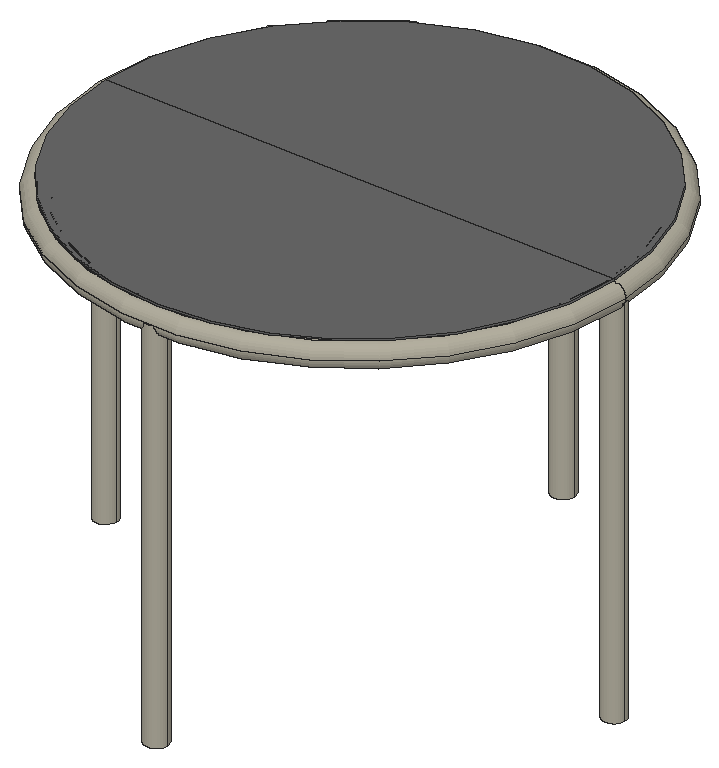
Revit family "FU_Table_Sandler_Metiz 480-91", category Furniture, Revit 2020
Family settings
  OmniClass Number = 23.40.20.00
  OmniClass Title = General Furniture and Specialties
  Work Plane-Based = No
  Always vertical = Yes
  Cut with Voids When Loaded = No
  Shared = No
  Room Calculation Point = No
Parameters (values of type "Metiz 480.91")
  Width = 570 mm
  URL = "https://www.sandlerseating.com/product/metiz-480-91/"
  Model = "Metiz 480.91"
  Manufacturer = "Sandler"
  Height = 420 mm
  Frame [instance] = Metal Lacquers - F077 Sand
  Description = "Coffee Table with a matt lacquered steel frame and Black Fenix Top."
  Depth = 570 mm
  Default Elevation = 0 mm
Reference planes
  plane 1 "Center (Front/Back)": y = 0
  plane 2: z = 0
  plane 3 "Center (Left/Right)": x = 0
  plane 4 "Right": x = -285
  plane 5 "Left": x = 285
  plane 6 "Back": y = 285
  plane 7 "Front": y = -285
  plane 8 "Height": z = 420
  plane 9 "Frame Ring C FRONT": z = 405.5
Forms (mm)
  Sweep 1, solid, material "Metal Lacquers - F077 Sand" <- "Frame"
    path origin (0, 0, 405.5) x (-1, 0, 0) y (0, -1, 0)
      loop
        circle (0, 0) r 272.5
    profile "Pro_Circles : 25mm" origin (0, -272.5, 405.5) x (0, 1, 0) y (0, 0, 1)
      loop
        arc (-12.467, 0.067) -> (-8.882, -8.788) -> (-0.067, -12.467) r 12.401
        arc (-0.067, -12.467) -> (8.836, -8.836) -> (12.467, 0.067) r 12.401
        arc (12.467, 0.067) -> (8.788, 8.882) -> (-0.067, 12.467) r 12.401
        arc (-0.067, 12.467) -> (-8.835, 8.835) -> (-12.467, 0.067) r 12.4
  Extrusion 2, solid, material "Metal Lacquers - F077 Sand" <- "Frame"
    sketch origin (0, 0, 0) x (1, 0, 0) y (0, 1, 0)
      loop
        circle (-272.567, 0) r 12
    from 0 to 405.5
  Extrusion 3, solid, material "Metal Lacquers - F077 Sand" <- "Frame"
    sketch origin (0, 0, 0) x (1, 0, 0) y (0, 1, 0)
      loop
        circle (0, 272.516) r 12
    from 0 to 405.5
  Extrusion 4, solid, material "Metal Lacquers - F077 Sand" <- "Frame"
    sketch origin (0, 0, 0) x (1, 0, 0) y (0, 1, 0)
      loop
        circle (0, -272.516) r 12
    from 0 to 405.5
  Extrusion 5, solid, material "Metal Lacquers - F077 Sand" <- "Frame"
    sketch origin (0, 0, 0) x (-1, 0, 0) y (0, -1, 0)
      loop
        circle (-272.567, 0) r 12
    from 0 to 405.5
  Revolve 6, solid, material "FENIX - Black"
    sketch origin (0, 0, 0) x (1, 0, 0) y (0, 0, 1)
      loop
        line (0, 405.567) -> (0, 420) -> (-272.5, 420) -> (-272.5, 418.222)
        arc (-272.5, 418.222) -> (-263.505, 414.562) -> (-259.845, 405.567) r 12.5
        line (-259.845, 405.567) -> (0, 405.567)
      axis (0, 420) -> (0, 405.567)
    angle from 0 to 360
Dimensions and locks
  equal spacing: plane 4 "Right", plane 3 "Center (Left/Right)", plane 5 "Left"
  "Width": plane 4 "Right" to plane 5 "Left"
  equal spacing: plane 6 "Back", plane 1 "Center (Front/Back)", plane 7 "Front"
  "Depth": plane 6 "Back" to plane 7 "Front"
  "Height": plane 8 "Height" to level
  plane 9 "Frame Ring C FRONT" to level = 405.5 mm
  aligned and locked: level to plane 2
Automatic sketch dimensions
  plane 1 "Center (Front/Back)" to Sweep 1 sketch curve = 0 mm
  Sweep 1 sketch curve to plane 3 "Center (Left/Right)" = 0 mm
  plane 1 "Center (Front/Back)" to Extrusion 2 sketch curve = 0 mm
  Extrusion 2 sketch curve to plane 4 "Right" = 12.433 mm
  Extrusion 3 sketch curve to plane 3 "Center (Left/Right)" = 0 mm
  Extrusion 3 sketch curve to plane 6 "Back" = 12.484 mm
  Extrusion 4 sketch curve to plane 3 "Center (Left/Right)" = 0 mm
  Extrusion 4 sketch curve to plane 7 "Front" = 12.484 mm
  plane 1 "Center (Front/Back)" to Extrusion 5 sketch curve = 0 mm
  Extrusion 5 sketch curve to plane 5 "Left" = 12.433 mm
  Revolve 6 sketch curve to plane 8 "Height" = 0 mm
  Revolve 6 sketch curve to plane 3 "Center (Left/Right)" = 0 mm  (x2)
  plane 9 "Frame Ring C FRONT" to Revolve 6 sketch curve = 0.223 mm
  Revolve 6 sketch curve to plane 4 "Right" = 12.656 mm
  Revolve 6 sketch curve to plane 4 "Right" = 12.5 mm
  plane 9 "Frame Ring C FRONT" to Revolve 6 sketch curve = 0.067 mm
  Revolve 6 sketch curve to Revolve 6 sketch curve = 1.778 mm
  Revolve 6 sketch curve to Revolve 6 sketch curve = 0 mm
  Revolve 6 sketch curve to plane 9 "Frame Ring C FRONT" = 31.212 mm
  Revolve 6 sketch curve to Revolve 6 sketch curve = 18.74 mm
  radius of Sweep 1 sketch curve = 272.5 mm
  radius of Extrusion 2 sketch curve = 12 mm
  radius of Extrusion 3 sketch curve = 12 mm
  radius of Extrusion 4 sketch curve = 12 mm
  radius of Extrusion 5 sketch curve = 12 mm
